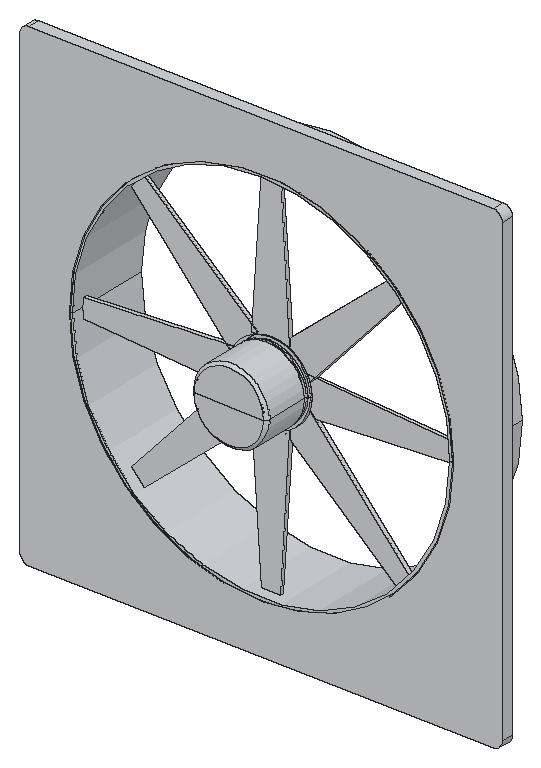
Revit family "CADS_Vent-Axia_MechEquip_Fan_ESP_1Ph4P - SUPPLY", category Mechanical Equipment, Revit 2020
Family settings
  Round Connector Dimension = Use Diameter
  Part Type = Normal
  OmniClass Number = 23.75.00.00
  OmniClass Title = Climate Control (HVAC)
  Work Plane-Based = No
  Always vertical = Yes
  Cut with Voids When Loaded = No
  Shared = No
  Room Calculation Point = No
Parameters (values of type "T100_ESP63014")
  WorkingPressure = 0.0 Pa
  WarrantyStartDate [instance] = "1900-12-31T23:59:59"
  WarrantyPeriod = ""
  WarrantyIdentifier = "N/A"
  WarrantyGuarantorParts = "tech@vent-axia.com"
  WarrantyGuarantorLabor = "tech@vent-axia.com"
  WarrantyGuarantor = "Vent-Axia Limited"
  WarrantyEndDate [instance] = "1900-12-31T23:59:59"
  WarrantyContent = ""
  TemperatureRange = ""
  TagNumber [instance] = "N/A"
  SustainabilityPerformance = ""
  Status = "New"
  Size = ""
  Shape = ""
  ServiceLifeType = ""
  ServiceLifeDuration = ""
  SerialNumber [instance] = "N/A"
  ReplacementCost = ""
  RatedVoltage = 0 V
  RatedCurrent = 0 A
  Quantity = 1
  ProductionYear = ""
  PressureCurve = ""
  PowerFactor = ""
  PointOfContact = ""
  NumberOfPoles = 0
  NominalWidth = 805 mm
  NominalLength = 142.5 mm
  NominalHeight = 805 mm
  NominalFrequencyRange = ""
  NominalDiameter = 630 mm
  ModelReference = "AXIAL PLATE FAN 630DIA 1PH 4 POLE"
  ModelNumber = "T100_ESP63014"
  Material = ""
  ManufacturerE-Mail = "tech@vent-axia.com"
  ManufacturerAddress = "Fleming Way\nCrawley \nRH10 9YX"
  IsExtendedWarranty = no
  InsulationStandardClass = ""
  InstallationDate [instance] = "1900-12-31T23:59:59"
  IfcExportType [instance] = ""
  IfcExportAs = "IfcFanType"
  IP_Code = ""
  HasProtectiveEarth = no
  GrossWeight = 0.00 kg
  Grade = ""
  GlobalTradeItemNumber [instance] = "N/A"
  G = 20 mm
  Fitting Type = "Ignore"
  Finish = ""
  Features = ""
  ExteriorInsulation = no
  ExpectedServiceLife = 0
  Exclusions = ""
  E = 82 mm
  DurationUnit = "Year"
  Default Elevation = 0 mm
  Constituents = ""
  ConductorFunction = ""
  Color = ""
  CodePerformance = ""
  Category = ""
  CADS_Usage = 0
  CADS_Index = 0
  AssetType = "FIXED"
  AssetIdentifier [instance] = "N/A"
  AssemblyPlace = "UNKNOWN"
  ArticleNumber [instance] = "N/A"
  AirflowRateRange = 0.0 L/s
  Air Flow [instance] = 0.0 L/s
  AccessibilityPerformance = ""
  A = 805 mm
Types (8, lengths in mm): name | NominalWidth | NominalLength | NominalHeight | NominalDiameter | ModelReference | ModelNumber | G | E | A
  T100_ESP25014 | 370 | 80 | 370 | 250 | "AXIAL PLATE FAN 250DIA 1PH 4 POLE" | "T100_ESP25014" | 6 | 84 | 370
  T100_ESP31514 | 430 | 84 | 430 | 315 | "AXIAL PLATE FAN 315DIA 1PH 4 POLE  163390-FC031" | "T100_ESP31514" | 19 | 84 | 430
  T100_ESP35514B | 485 | 97 | 485 | 355 | "355MM 1PH 4P PLATE FAN FC035-4EQ.2C.A7 169568" | "T100_ESP35514B" | 21 | 86 | 485
  T100_ESP40014B | 540 | 100 | 540 | 400 | "400MM 1PH 4P PLATE FAN FC040-4EQ.2F.A7 169494" | "T100_ESP40014B" | 12 | 93 | 540
  T100_ESP45014 | 575 | 139 | 575 | 450 | "AXIAL PLATE FAN 450DIA 1PH 4 POLE" | "T100_ESP45014" | 14 | 86 | 575
  T100_ESP50014 | 655 | 141 | 655 | 500 | "AXIAL PLATE FAN 500DIA 1PH 4 POLE" | "T100_ESP50014" | 16 | 84 | 655
  T100_ESP56014C | 725 | 142.5 | 725 | 560 | "560MM 1PH 4P PLATE FAN ART.183560" | "T100_ESP56014C" | 16 | 81 | 725
  T100_ESP63014 | 805 | 142.5 | 805 | 630 | "AXIAL PLATE FAN 630DIA 1PH 4 POLE" | "T100_ESP63014" | 20 | 82 | 805
Reference planes
  plane 1 "Center (Front/Back)": y = 0
  plane 2: z = 0
  plane 3 "Center (Left/Right)": x = 0
  plane 4: x = -315
  plane 5: x = 315
  plane 6 "F": y = -20
  plane 7 "B": y = 122.5
  plane 8: x = -402.5
  plane 9: x = -320
  plane 10 "top": z = 315
  plane 11: z = -315
  plane 12: x = 402.5
  plane 13: z = 402.5
  plane 14: z = -402.5
Forms (mm)
  Revolve 1, solid
    sketch origin (0, 0, 0) x (1, 0, 0) y (0, 1, 0)
      loop
        line (-320, -20) -> (-315, -20) -> (-315, 122.5) -> (-320, 122.5) -> (-320, -20)
      axis (0, 122.5) -> (0, -20)
    angle from 0 to 360
  Extrusion 2, solid
    sketch origin (0, 0, 0) x (1, 0, 0) y (0, 0, 1)
      loop
        arc (-387.5, 402.5) -> (-398.107, 398.107) -> (-402.5, 387.5) r 15
        line (-402.5, 387.5) -> (-402.5, -387.5)
        arc (-402.5, -387.5) -> (-398.107, -398.107) -> (-387.5, -402.5) r 15
        line (-387.5, -402.5) -> (387.5, -402.5)
        arc (387.5, -402.5) -> (398.107, -398.107) -> (402.5, -387.5) r 15
        line (402.5, -387.5) -> (402.5, 387.5)
        arc (402.5, 387.5) -> (398.107, 398.107) -> (387.5, 402.5) r 15
        line (387.5, 402.5) -> (-387.5, 402.5)
      loop
        circle (0, 0) r 320
    from 0 to 20 <- "G"
Dimensions and locks
  equal spacing: plane 4, plane 3 "Center (Left/Right)", plane 5
  "NominalLength": plane 7 "B" to plane 6 "F"
  "NominalDiameter": plane 4 to plane 5
  locked: plane 9 to plane 4 at 5
  equal spacing: plane 10 "top", level, plane 11
  "NominalDiameter": plane 10 "top" to plane 11
  equal spacing: plane 12, plane 3 "Center (Left/Right)", plane 8
  "A": plane 12 to plane 8
  equal spacing: plane 13, level, plane 14
  "A": plane 13 to plane 14
  "G": plane 6 "F" to plane 1 "Center (Front/Back)"
  aligned and locked: level to plane 2
  aligned and locked: Extrusion 2 sketch curve to Revolve 1  (x2)
Automatic sketch dimensions
  plane 6 "F" to Revolve 1 sketch curve = 0 mm
  Revolve 1 sketch curve to plane 4 = 0 mm
  Revolve 1 sketch curve to plane 3 "Center (Left/Right)" = 0 mm
  plane 1 "Center (Front/Back)" to Revolve 1 sketch curve = 0 mm
  Revolve 1 sketch curve to plane 7 "B" = 0 mm
  plane 6 "F" to Revolve 1 sketch curve = 115 mm
  Revolve 1 sketch curve to plane 9 = 0 mm
  Extrusion 2 sketch curve to plane 8 = 0 mm
  Extrusion 2 sketch curve to plane 13 = 0 mm
  Extrusion 2 sketch curve to plane 14 = 0 mm
  plane 12 to Extrusion 2 sketch curve = 0 mm
  plane 8 to Extrusion 2 sketch curve = 15 mm  (x2)
  plane 12 to Extrusion 2 sketch curve = 15 mm  (x2)
Nested families
  nested 1: "Fan for ESP" at (0, 0, 0), ND <- "NominalDiameter", BE <- "E", type "Fan for ESP"
    with hub 63 mm, ND 630 mm, BoltPCD 50.4 mm, Bolt Count 8, B_Diam 10 mm, BE 82 mm
  nested 2: "ESC Blade" at (0, 0, 0), type "ESC Blade"
    with a 20.00°, HR 63 mm, HD 126 mm, BT 31.5 mm, BR 252 mm, BH 40 mm, BD 630 mm, BB 63 mm
  nested 3: "ESC Blade" at (0, 0, 0) x (0.7071, 0, -0.7071) z (0.7071, 0, 0.7071), type "ESC Blade"
    with a 20.00°, HR 63 mm, HD 126 mm, BT 31.5 mm, BR 252 mm, BH 40 mm, BD 630 mm, BB 63 mm
  nested 4: "ESC Blade" at (0, 0, 0) x (0, 0, -1) z (1, 0, 0), type "ESC Blade"
    with a 20.00°, HR 63 mm, HD 126 mm, BT 31.5 mm, BR 252 mm, BH 40 mm, BD 630 mm, BB 63 mm
  nested 5: "ESC Blade" at (0, 0, 0) x (-0.7071, 0, -0.7071) z (0.7071, 0, -0.7071), type "ESC Blade"
    with a 20.00°, HR 63 mm, HD 126 mm, BT 31.5 mm, BR 252 mm, BH 40 mm, BD 630 mm, BB 63 mm
  nested 6: "ESC Blade" at (0, 0, 0) x (-1, 0, 0) z (0, 0, -1), type "ESC Blade"
    with a 20.00°, HR 63 mm, HD 126 mm, BT 31.5 mm, BR 252 mm, BH 40 mm, BD 630 mm, BB 63 mm
  nested 7: "ESC Blade" at (0, 0, 0) x (-0.7071, 0, -0.7071) z (-0.7071, 0, 0.7071), type "ESC Blade"
    with a 20.00°, HR 63 mm, HD 126 mm, BT 31.5 mm, BR 252 mm, BH 40 mm, BD 630 mm, BB 63 mm
  nested 8: "ESC Blade" at (0, 0, 0) x (0, 0, -1) z (-1, 0, 0), type "ESC Blade"
    with a 20.00°, HR 63 mm, HD 126 mm, BT 31.5 mm, BR 252 mm, BH 40 mm, BD 630 mm, BB 63 mm
  nested 9: "ESC Blade" at (0, 0, 0) x (0.7071, 0, -0.7071) z (-0.7071, 0, -0.7071), type "ESC Blade"
    with a 20.00°, HR 63 mm, HD 126 mm, BT 31.5 mm, BR 252 mm, BH 40 mm, BD 630 mm, BB 63 mm
Connectors
  hvac at (0, -20, 0), driven by "NominalDiameter", driven by "Air Flow"
    settings: on Revolve 1, index 1, duct flow 0.0 L/s, flow factor 0, pres drop 0.0 Pa, loss coef 0, conn angle 0.00°, conn width 304.8 mm, conn height 304.8 mm, conn diameter 630 mm, duct sys type 1, conn prof type 0, flow config 1, flow direction 1, loss method 0, conn ref index -1, conn util no, is conn primary yes, conn desc ""
  hvac at (0, 122.5, 0), driven by "NominalDiameter", driven by "Air Flow"
    settings: on Revolve 1, index 2, duct flow 0.0 L/s, flow factor 0, pres drop 0.0 Pa, loss coef 0, conn angle 0.00°, conn width 304.8 mm, conn height 304.8 mm, conn diameter 630 mm, duct sys type 1, conn prof type 0, flow config 0, flow direction 2, loss method 0, conn ref index -1, conn util no, is conn primary no, conn desc ""
Definition of nested family "Fan for ESP"
  Parameters (values of type "Fan for ESP")
    hub [instance] = ND / 10  # 25.1 mm
    ND [instance] = 251 mm
    Model = "."
    Default Elevation = 0 mm
    BoltPCD [instance] = hub - (hub * 0.2)  # 20.08 mm
    Bolt Count [instance] = if(hub < 50 mm, 6, 8)  # 6
    B_Diam [instance] = if(hub < 50 mm, 5 mm, 10 mm)  # 5 mm
    BE [instance] = 84 mm
  Reference planes
    plane 1 "Center (Front/Back)": y = 0
    plane 2: z = 0
    plane 3 "Center (Left/Right)": x = 0
    plane 4 "back": y = 20
    plane 5 "boss": y = -89
    plane 6 "B": z = 25.1
    plane 7: x = -30.1
    plane 8: x = -25.1
    plane 9 "hubface": y = -5
    plane 10: x = -20.1
    plane 11: y = -84
  Forms (mm)
    Revolve 1, solid
      sketch origin (0, 0, 0) x (1, 0, 0) y (0, 1, 0)
        loop
          line (0, -5) -> (0, 10.504) -> (-30.1, 10.504) -> (-30.1, -2.597) -> (-25.1, -2.597) -> (-25.1, -5) -> (0, -5)
        axis (0, 10.504) -> (0, -5)
      angle from 0 to 360
    Extrusion 2, solid, not visible
      sketch origin (0, -6.347, -4) x (-1, 0, 0) y (0, 0, 1)
        loop
          circle (0, 84) r 5
      from 0 to 3
    Revolve 3, solid
      sketch origin (0, 0, 0) x (1, 0, 0) y (0, 1, 0)
        loop
          line (-20.1, -5) -> (-25.1, -10) -> (-25.1, -84) -> (-20.1, -89) -> (0, -89) -> (0, -5) -> (-20.1, -5)
        axis (0, -5) -> (0, -89)
      angle from 0 to 360
  Lines and regions (mm)
    symbolic lines
      curve 1: circle (0, -89, 0) r 20.08 normal (0, 1, 0)
    model lines, not visible
      curve 2: line (0, -6.347, 85) -> (0, -6.347, 75)
  Dimensions and locks
    "hub": plane 6 "B" to plane 2
    "hub": nested 3 to plane 3 "Center (Left/Right)"
    "hub": nested 4 to plane 3 "Center (Left/Right)"
    "hub": nested 5 to plane 3 "Center (Left/Right)"
    "hub": plane 3 "Center (Left/Right)" to nested 6
    "hub": plane 3 "Center (Left/Right)" to nested 7
    "hub": plane 3 "Center (Left/Right)" to nested 8
    "hub": plane 3 "Center (Left/Right)" to nested 9
    "hub": plane 8 to plane 3 "Center (Left/Right)"
    plane 7 to plane 8 = 5 mm
    "BE": plane 5 "boss" to plane 9 "hubface"
    locked: plane 11 to plane 5 "boss" at 5
    plane 8 to plane 10 = 5 mm
    locked: plane 9 "hubface" to plane 1 "Center (Front/Back)" at 5
    diameter of Extrusion 2 sketch curve = 10 mm
    "BoltPCD": radius of curve 1
    aligned and locked: level to plane 2
    aligned and locked: plane 6 "B" to nested 1
  Automatic sketch dimensions
    Revolve 1 sketch curve to plane 7 = 0 mm
    Revolve 1 sketch curve to plane 8 = 0 mm
    Revolve 1 sketch curve to plane 3 "Center (Left/Right)" = 0 mm  (x2)
    Revolve 1 sketch curve to plane 9 "hubface" = 0 mm
    plane 1 "Center (Front/Back)" to Revolve 1 sketch curve = 2.597 mm
    plane 4 "back" to Revolve 1 sketch curve = 5 mm
    plane 4 "back" to Revolve 1 sketch curve = 9.496 mm
    Revolve 1 sketch curve to Revolve 1 sketch curve = 54.496 mm
    Revolve 3 sketch curve to plane 8 = 0 mm
    Revolve 3 sketch curve to plane 5 "boss" = 0 mm
    Revolve 3 sketch curve to plane 10 = 0 mm  (x2)
    Revolve 3 sketch curve to plane 9 "hubface" = 0 mm
    Revolve 3 sketch curve to plane 3 "Center (Left/Right)" = 0 mm  (x2)
    Revolve 3 sketch curve to plane 11 = 0 mm
    Revolve 3 sketch curve to plane 9 "hubface" = 5 mm
    plane 4 "back" to Revolve 3 sketch curve = 4.08 mm
    Revolve 3 sketch curve to plane 4 "back" = 3.828 mm
    curve 1 to level = 0 mm
    curve 1 to plane 3 "Center (Left/Right)" = 0 mm
  Nested families
    nested 1: "ESC Blade" at (0, 0, 0), BD <- "ND", HD <- "hub", type "ESC Blade"
      with a 20.00°, HR 25.1 mm, HD 50.2 mm, BT 12.55 mm, BR 100.4 mm, BH 40 mm, BD 251 mm, BB 25.1 mm
    nested 2: "ESC Blade" at (0, 0, 755), BD <- "ND", HD <- "hub", type "ESC Blade", not visible
      with a 20.00°, HR 25.1 mm, HD 50.2 mm, BT 12.55 mm, BR 100.4 mm, BH 40 mm, BD 251 mm, BB 25.1 mm
    nested 3: "ESC Blade" at (0, 0, 0) x (0.7071, 0, -0.7071) z (0.7071, 0, 0.7071), BD <- "ND", HD <- "hub", type "ESC Blade"
      with a 20.00°, HR 25.1 mm, HD 50.2 mm, BT 12.55 mm, BR 100.4 mm, BH 40 mm, BD 251 mm, BB 25.1 mm
    nested 4: "ESC Blade" at (0, 0, 0) x (0, 0, -1) z (1, 0, 0), BD <- "ND", HD <- "hub", type "ESC Blade"
      with a 20.00°, HR 25.1 mm, HD 50.2 mm, BT 12.55 mm, BR 100.4 mm, BH 40 mm, BD 251 mm, BB 25.1 mm
    nested 5: "ESC Blade" at (0, 0, 0) x (-0.7071, 0, -0.7071) z (0.7071, 0, -0.7071), BD <- "ND", HD <- "hub", type "ESC Blade"
      with a 20.00°, HR 25.1 mm, HD 50.2 mm, BT 12.55 mm, BR 100.4 mm, BH 40 mm, BD 251 mm, BB 25.1 mm
    nested 6: "ESC Blade" at (0, 0, 0) x (-1, 0, 0) z (0, 0, -1), BD <- "ND", HD <- "hub", type "ESC Blade"
      with a 20.00°, HR 25.1 mm, HD 50.2 mm, BT 12.55 mm, BR 100.4 mm, BH 40 mm, BD 251 mm, BB 25.1 mm
    nested 7: "ESC Blade" at (0, 0, 0) x (-0.7071, 0, -0.7071) z (-0.7071, 0, 0.7071), BD <- "ND", HD <- "hub", type "ESC Blade"
      with a 20.00°, HR 25.1 mm, HD 50.2 mm, BT 12.55 mm, BR 100.4 mm, BH 40 mm, BD 251 mm, BB 25.1 mm
    nested 8: "ESC Blade" at (0, 0, 0) x (0, 0, -1) z (-1, 0, 0), BD <- "ND", HD <- "hub", type "ESC Blade"
      with a 20.00°, HR 25.1 mm, HD 50.2 mm, BT 12.55 mm, BR 100.4 mm, BH 40 mm, BD 251 mm, BB 25.1 mm
    nested 9: "ESC Blade" at (0, 0, 0) x (0.7071, 0, -0.7071) z (-0.7071, 0, -0.7071), BD <- "ND", HD <- "hub", type "ESC Blade"
      with a 20.00°, HR 25.1 mm, HD 50.2 mm, BT 12.55 mm, BR 100.4 mm, BH 40 mm, BD 251 mm, BB 25.1 mm
  Definition of nested family "ESC Blade"
    Parameters (values of type "ESC Blade")
      a [instance] = 20.00°
      HR [instance] = HD / 2  # 30 mm
      HD [instance] = BD / 5  # 60 mm
      Default Elevation = 1219.2 mm
      BT [instance] = BD / 20  # 15 mm
      BR [instance] = (BD / 2) - HR  # 120 mm
      BH [instance] = 40 mm
      BD [instance] = 300 mm
      BB [instance] = BD / 10  # 30 mm
    Reference planes
      plane 1 "Center (Front/Back)": y = 0
      plane 2: z = 0
      plane 3 "Center (Left/Right)": x = 0
      plane 4 "Blade Bot": z = 30
      plane 5: x = -15
      plane 6: x = 15
      plane 7: x = -7.5
      plane 8: x = 7.5
    Forms (mm)
      Blend 1, solid
        base sketch origin (0, 0, 30) x (-1, 0, 0) y (0, -1, 0)
          loop
            line (15, 0) -> (-15, 0) -> (-15, -6) -> (15, -6) -> (15, 0)
        top sketch origin (0, 0, 30) x (-1, 0, 0) y (0, -1, 0)
          loop
            line (7.5, -6) -> (7.5, 0) -> (-7.5, 0) -> (-7.5, -6) -> (7.5, -6)
        from 0 to 120 <- "BR"
    Dimensions and locks
      "HR": plane 4 "Blade Bot" to level
      equal spacing: plane 8, plane 3 "Center (Left/Right)", plane 7
      "BT": plane 8 to plane 7
      equal spacing: plane 6, plane 3 "Center (Left/Right)", plane 5
      "BB": plane 6 to plane 5
      aligned and locked: level to plane 2
    Automatic sketch dimensions
      plane 1 "Center (Front/Back)" to Blend 1 sketch curve = 0 mm  (x2)
      Blend 1 sketch curve to plane 6 = 0 mm
      Blend 1 sketch curve to plane 5 = 0 mm
      Blend 1 sketch curve to plane 1 "Center (Front/Back)" = 6 mm  (x2)
      Blend 1 sketch curve to plane 8 = 0 mm
      Blend 1 sketch curve to plane 7 = 0 mm
Definition of nested family "ESC Blade"
  Parameters (values of type "ESC Blade")
    a [instance] = 20.00°
    HR [instance] = HD / 2  # 30 mm
    HD [instance] = BD / 5  # 60 mm
    Default Elevation = 1219.2 mm
    BT [instance] = BD / 20  # 15 mm
    BR [instance] = (BD / 2) - HR  # 120 mm
    BH [instance] = 40 mm
    BD [instance] = 300 mm
    BB [instance] = BD / 10  # 30 mm
  Reference planes
    plane 1 "Center (Front/Back)": y = 0
    plane 2: z = 0
    plane 3 "Center (Left/Right)": x = 0
    plane 4 "Blade Bot": z = 30
    plane 5: x = -15
    plane 6: x = 15
    plane 7: x = -7.5
    plane 8: x = 7.5
  Forms (mm)
    Blend 1, solid
      base sketch origin (0, 0, 30) x (-1, 0, 0) y (0, -1, 0)
        loop
          line (15, 0) -> (-15, 0) -> (-15, -6) -> (15, -6) -> (15, 0)
      top sketch origin (0, 0, 30) x (-1, 0, 0) y (0, -1, 0)
        loop
          line (7.5, -6) -> (7.5, 0) -> (-7.5, 0) -> (-7.5, -6) -> (7.5, -6)
      from 0 to 120 <- "BR"
  Dimensions and locks
    "HR": plane 4 "Blade Bot" to level
    equal spacing: plane 8, plane 3 "Center (Left/Right)", plane 7
    "BT": plane 8 to plane 7
    equal spacing: plane 6, plane 3 "Center (Left/Right)", plane 5
    "BB": plane 6 to plane 5
    aligned and locked: level to plane 2
  Automatic sketch dimensions
    plane 1 "Center (Front/Back)" to Blend 1 sketch curve = 0 mm  (x2)
    Blend 1 sketch curve to plane 6 = 0 mm
    Blend 1 sketch curve to plane 5 = 0 mm
    Blend 1 sketch curve to plane 1 "Center (Front/Back)" = 6 mm  (x2)
    Blend 1 sketch curve to plane 8 = 0 mm
    Blend 1 sketch curve to plane 7 = 0 mm
